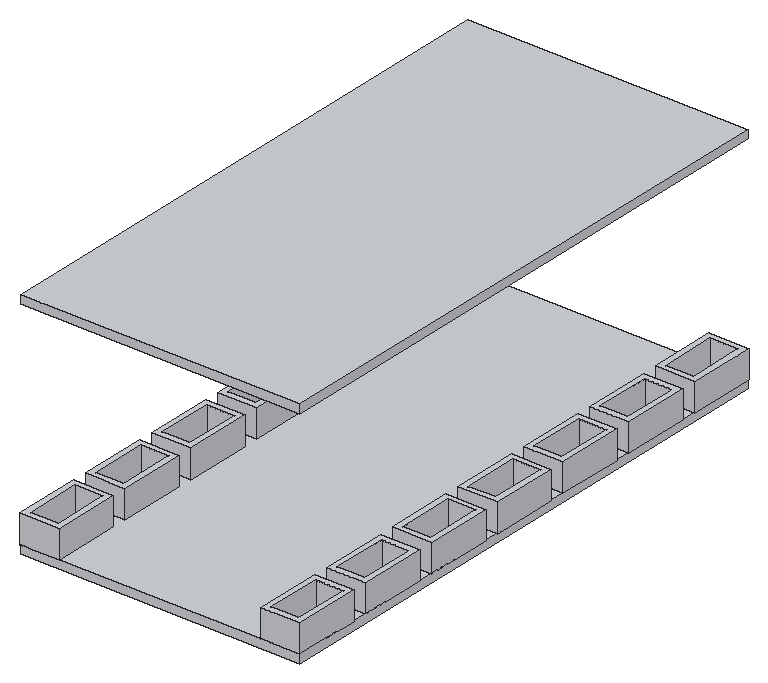
Revit family "Yoga Deck", category Generic Models, Revit 2025
Family settings
  Can host rebar = No
  Round Connector Dimension = Use Diameter
  Part Type = Normal
  Work Plane-Based = No
  Always vertical = Yes
  Cut with Voids When Loaded = No
  Maintain Annotation Orientation = No
  Shared = No
  Room Calculation Point = No
Parameters
  Show_Roof = yes
  Roof_Top = Roof_Height + Roof_Thickness  # 4150 mm
  Roof_Thickness = 150 mm
  Roof_Height = 4000 mm
  Planter_Spacing = 1500 mm
  Plant_Count = Deck_Length / Planter_Spacing  # 7
  Default Elevation = 0 mm
  Deck_Width = 5000 mm
  Deck_Length = 10000 mm
Reference planes
  plane 1 "Center (Front/Back)": y = 0
  plane 2: z = 0
  plane 3 "Center (Left/Right)": x = 0
  plane 4: y = 5000
  plane 5: y = -5000
  plane 6: x = -2500
  plane 7: x = 2500
  plane 8: z = 3300
Forms (mm)
  Extrusion 1, solid
    sketch origin (0, 0, 0) x (1, 0, 0) y (0, 1, 0)
      loop
        line (-2500, 5000) -> (-2500, -5000) -> (2500, -5000) -> (2500, 5000) -> (-2500, 5000)
    from 0 to 150
  Extrusion 2, solid, visible <- "Show_Roof"
    sketch origin (0, 0, 0) x (1, 0, 0) y (0, 1, 0)
      loop
        line (-2500, 5000) -> (-2500, -5000) -> (2500, -5000) -> (2500, 5000) -> (-2500, 5000)
    from 4000 <- "Roof_Height" to 4150 <- "Roof_Top"
Dimensions and locks
  equal spacing: plane 5, plane 1 "Center (Front/Back)", plane 4
  equal spacing: plane 6, plane 3 "Center (Left/Right)", plane 7
  "Deck_Width": plane 6 to plane 7
  "Deck_Length": plane 4 to plane 5
  equal spacing: group 2, group 4, group 5, group 6, group 7, group 8, group 3  (x3)
  equal spacing: group 1, group 10, group 11, group 12, group 13, group 14, group 9  (x3)
  aligned and locked: level to plane 2
  aligned and locked: Extrusion 1 sketch curve to plane 4
  aligned and locked: Extrusion 1 sketch curve to plane 6
  aligned and locked: Extrusion 1 sketch curve to plane 5
  aligned and locked: Extrusion 1 sketch curve to plane 7
  aligned and locked: Extrusion 2 sketch curve to plane 4
  aligned and locked: Extrusion 2 sketch curve to plane 6
  aligned and locked: Extrusion 2 sketch curve to plane 5
  aligned and locked: Extrusion 2 sketch curve to plane 7
  aligned and locked: Extrusion 1 to nested 1
  aligned and locked: nested 1 to Extrusion 1
  aligned and locked: Extrusion 1 to nested 2
  aligned and locked: nested 2 to Extrusion 1
  aligned and locked: nested 3 to Extrusion 1
Nested families
  nested 1: "Planter_Ballast" at (-1625.549, -5322.916, 150) x (0, 1, 0) z (0, 0, 1), type "Planter_Ballast"
  nested 2: "Planter_Ballast" at (1625.549, -3477.084, 150) x (0, -1, 0) z (0, 0, 1), type "Planter_Ballast"
  nested 3: "Planter_Ballast" at (1625.549, 5322.916, 150) x (0, -1, 0) z (0, 0, 1), type "Planter_Ballast"
  nested 4: "Planter_Ballast" at (1625.549, -2010.417, 150) x (0, -1, 0) z (0, 0, 1), type "Planter_Ballast"
  nested 5: "Planter_Ballast" at (1625.549, -543.75, 150) x (0, -1, 0) z (0, 0, 1), type "Planter_Ballast"
  nested 6: "Planter_Ballast" at (1625.549, 922.916, 150) x (0, -1, 0) z (0, 0, 1), type "Planter_Ballast"
  nested 7: "Planter_Ballast" at (1625.549, 2389.583, 150) x (0, -1, 0) z (0, 0, 1), type "Planter_Ballast"
  nested 8: "Planter_Ballast" at (1625.549, 3856.25, 150) x (0, -1, 0) z (0, 0, 1), type "Planter_Ballast"
  nested 9: "Planter_Ballast" at (-1625.549, 3477.084, 150) x (0, 1, 0) z (0, 0, 1), type "Planter_Ballast"
  nested 10: "Planter_Ballast" at (-1625.549, -3856.25, 150) x (0, 1, 0) z (0, 0, 1), type "Planter_Ballast"
  nested 11: "Planter_Ballast" at (-1625.549, -2389.583, 150) x (0, 1, 0) z (0, 0, 1), type "Planter_Ballast"
  nested 12: "Planter_Ballast" at (-1625.549, -922.916, 150) x (0, 1, 0) z (0, 0, 1), type "Planter_Ballast"
  nested 13: "Planter_Ballast" at (-1625.549, 543.75, 150) x (0, 1, 0) z (0, 0, 1), type "Planter_Ballast"
  nested 14: "Planter_Ballast" at (-1625.549, 2010.417, 150) x (0, 1, 0) z (0, 0, 1), type "Planter_Ballast"
Definition of nested family "Planter_Ballast"
  Parameters (values of type "Planter_Ballast")
    Width = 1000 mm
    Length = 500 mm
    Depth = 500 mm
    Default Elevation = 0 mm
  Reference planes
    plane 1 "Center (Front/Back)": y = 0
    plane 2: z = 0
    plane 3 "Center (Left/Right)": x = 0
    plane 4: y = 774.451
    plane 5: y = 274.451
    plane 6: x = 1422.916
    plane 7: x = 422.916
  Forms (mm)
    Extrusion 1, solid
      sketch origin (0, 0, 0) x (1, 0, 0) y (0, 1, 0)
        loop
          line (422.916, 774.451) -> (422.916, 274.451) -> (1422.916, 274.451) -> (1422.916, 774.451) -> (422.916, 774.451)
        loop
          line (322.916, 874.451) -> (322.916, 174.451) -> (1522.916, 174.451) -> (1522.916, 874.451) -> (322.916, 874.451)
      from 0 to 500 <- "Depth"
  Dimensions and locks
    "Depth": plane 4 to plane 5
    "Width": plane 7 to plane 6
    aligned and locked: level to plane 2
  Automatic sketch dimensions
    Extrusion 1 sketch curve to plane 5 = 0 mm
    Extrusion 1 sketch curve to plane 7 = 0 mm
    Extrusion 1 sketch curve to plane 4 = 0 mm
    Extrusion 1 sketch curve to plane 6 = 0 mm
    Extrusion 1 sketch curve to plane 7 = 100 mm
    plane 6 to Extrusion 1 sketch curve = 100 mm
    Extrusion 1 sketch curve to plane 5 = 100 mm
    plane 4 to Extrusion 1 sketch curve = 100 mm
